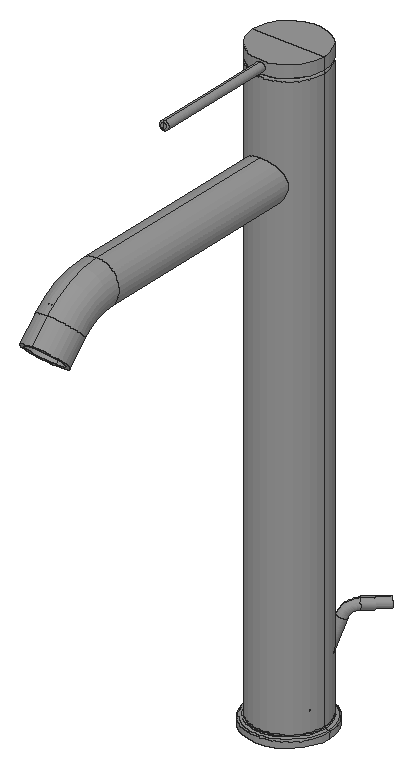
Revit family "Faucet-Lavatory-KOHLER-COMPONENTS-K-77960T", category Plumbing Fixtures, host Face, Revit 2017
Family settings
  Host = Face
  Round Connector Dimension = Use Diameter
  Part Type = Normal
  OmniClass Number = 23.31.11.00
  OmniClass Title = Faucets
  Cut with Voids When Loaded = No
  Shared = No
  Room Calculation Point = No
Parameters (values of type "Not a Type - See Type Catalog")
  Width = 1 7/8"  # constant formula
  WaterSense Certified = 1 = 0  # no
  Waste Water Outlet = "Waste Water Outlet"  # constant formula
  Waste Connection = 1 = 0  # no
  Vent Connection = 1 = 0  # no
  URL = "http://www.kohler.com.cn/en/"
  Type = 0
  Spout Reach = 7"  # constant formula
  Product Page URL = ""
  Product Name = "COMPONENTS"  # constant formula
  Product Documentation Link = ""
  Pressure = 0.00 psi
  Model = if(Type = 1, "K-77960T-4A-CP", if(Type = 2, "K-77960T-4A -BN", if(Type = 3, "K-77960T-4A -2BL", if(Type = 4, "K-77960T-4A -AF", if(Type = 5, "K-77960T-4A -RGD", if(Type = 6, "K-77960T-4A-3GC", if(Type = 7, "K-77960T-4A-TT", if(Type = 8, "K-77960T-4AND-CP", if(Type = 9, "K-77960T-4AND-AF", if(Type = 10, "K-77960T-4AND-RGD", if(Type = 11, "K-77960T-4AND-BN", "NA")))))))))))  # "NA"
  Material = "Premium Metal Construction"  # constant formula
  Master Format 2014 Name = "Residential Faucets, Supplies, and Trim"  # constant formula
  Master Format 2014 = "22 41 39"  # constant formula
  Manufacturer Address = "158 Jiangchang 3rd Road Zhabei District Shanghai, 200436 China "  # constant formula
  Manufacturer = "KOHLER Co."  # constant formula
  Lift Rod = not(Type > 7)  # yes
  Length = Spout Reach  # 7"
  Hot Water Inlet = "Hot Water Inlet"  # constant formula
  Height = 14"  # constant formula
  Handle Clearance = 3 19/32"  # constant formula
  HW Connection = 1 = 1  # yes
  Flow Rate = 0 GPM
  Finish = Default
  Environmental Product Declaration = ""
  Drain Included = if(Type > 7, 1 = 0, 1 = 1)  # yes
  Description = "Single handle bowl faucet (high water outlet)"  # constant formula
  Default Elevation = 36"
  Declare Label = ""
  Date Modified = "04/23/2020"  # constant formula
  Date Created = "04/23/2020"  # constant formula
  Copyright = "Copyright KOHLER Co."  # constant formula
  Contact Us = "http://www.kohler.com.cn/en/contact/contact-us/"
  Cold Water Inlet = "Cold Water Inlet"  # constant formula
  CW Connection = 1 = 1  # yes
  Assembly Code = "D2010"
  ADA Compliant = 1 = 0  # no
Reference planes (in)
  plane 1 "Center (Front/Back)": y = 0
  plane 2: z = 0
  plane 3 "Center (Left/Right)": x = 0
  plane 4: x = 0.9375
  plane 5: x = -0.9375
  plane 6: y = -7.375
  plane 7: y = -3.59284
  plane 8: y = -0.9375
  plane 9: y = 0.9375
  plane 10: z = 10.625
  plane 11: y = -7
  plane 12: z = 14
  plane 13: y = 1.3947
  plane 14: through (7.375, -4.74542, 48) normal (-0.7071, -0.7071, 0)
  plane 15: x = -0.81693
  plane 16: x = 0.81693
  plane 17: z = 2.375
  plane 18: y = 0.81693
  plane 19: y = -0.81693
  plane 20: z = 11.9903
  plane 21: z = 10.99067
  plane 22: z = 11.4903
  plane 23: z = 13.76692
  plane 24: z = 13.96377
  plane 25: z = 0.18504
  plane 26: x = 1.3976
  plane 27: x = -0.37323
  plane 28: x = 0.37323
Dimensions and locks (in)
  "Width": plane 5 to plane 4
  "Handle Clearance": plane 7 to nested 1
  "Height": plane 12 to level
  locked: plane 1 "Center (Front/Back)" to plane 6 at 7.375
  "Spout Reach": plane 1 "Center (Front/Back)" to plane 11
  locked: level to plane 10 at 10.625
  locked: plane 24 to plane 23 at 0.19685
  locked: plane 20 to plane 21 at 0.99963
  locked: plane 16 to plane 15 at 1.63386
  "Length": plane 11 to plane 1 "Center (Front/Back)"
  aligned and locked: plane 2 to host face
  aligned and locked: level to host face
Automatic sketch dimensions
  host sketch curve to host sketch curve = 96"  (x2)
Nested families (in)
  nested 1: "K-77960T" at (0, 0.00091, 0), type "K-77960T"
Connectors (in)
  piping at (0.37323, 0.00091, 0), diameter 0.5, driven by "CW Connection", driven by "Cold Water Inlet"
    settings: on nested 1, index 1, connector inside diameter 24", connector length 0", flow factor 0, pipe flow 0 GPM, pressure drop 0.00 psi, fitting loss kfactor 0, connector angle 0.00°, fixture units 0, engagement length 0", angle of deflection 0.00°, flow configuration 0, flow direction 1, fitting loss method 0, system type 20, joint type 0, gender type 0, connector reference index -1, connector utility 1, adjustable connector no, is connector primary yes, connector description "Cold Water Inlet"
  piping at (-0.37323, 0.00091, 0), diameter 0.5, driven by "HW Connection", driven by "Hot Water Inlet"
    settings: on nested 1, index 2, connector inside diameter 24", connector length 0", flow factor 0, pipe flow 0 GPM, pressure drop 0.00 psi, fitting loss kfactor 0, connector angle 0.00°, fixture units 0, engagement length 0", angle of deflection 0.00°, flow configuration 0, flow direction 1, fitting loss method 0, system type 19, joint type 0, gender type 0, connector reference index -1, connector utility 1, adjustable connector no, is connector primary no, connector description "Hot Water Inlet"
Definition of nested family "K-77960T"
  Parameters (values of type "K-77960T")
    Material = none
    4A = yes
  Reference planes (in)
    plane 1 "Center (Front/Back)": y = 0
    plane 2: z = 0
    plane 3 "Center (Left/Right)": x = 0
    plane 4: x = -0.9375
    plane 5: x = 0.9375
    plane 6: x = -0.81693
    plane 7: z = 14
    plane 8: z = 10.625
    plane 9: x = 7.375
    plane 10 "Lift rod": through (1.31479, 1.31479, 48) normal (0.7071, -0.7071, 0)
    plane 11: y = -7.375
    plane 12: y = -7
    plane 13: z = 2.375
    plane 14: y = 0.9375
    plane 15: y = -0.9375
    plane 16: y = 1.3947
    plane 17: y = -3.59284
    plane 18: through (1.23488, 1.3947, 48) normal (0.7071, 0.7071, 0)
    plane 19: z = 0.16285
    plane 20: x = 1.3976
    plane 21: x = -0.37323
    plane 22: x = 0.37323
  Forms (in)
    Revolve 1, solid, material <- "Material", detail levels medium+fine
      sketch origin (0, 0, 2.75) x (1, 0, 0) y (0, 0, 1)
        loop
          line (-0.9375, -2.75) -> (0, -2.75) -> (0, 11.25) -> (-0.81693, 11.25) -> (-0.81693, 10.97441) -> (-0.66114, 10.97441) -> (-0.784, 10.94149)
          arc (-0.784, 10.94149) -> (-0.80775, 10.92562) -> (-0.81693, 10.89857) r 0.04443
          line (-0.81693, 10.89857) -> (-0.81693, -2.54534)
          arc (-0.81693, -2.54534) -> (-0.81056, -2.55985) -> (-0.79556, -2.56496) r 0.01969
          arc (-0.79556, -2.56496) -> (-0.81971, -2.5651) -> (-0.84355, -2.56895) r 0.15656
          line (-0.84355, -2.56895) -> (-0.9188, -2.58715)
          arc (-0.9188, -2.58715) -> (-0.93227, -2.5958) -> (-0.9375, -2.61091) r 0.02444
          line (-0.9375, -2.61091) -> (-0.9375, -2.75)
        axis (0, 11.25) -> (0, -2.75)
      angle from 0 to 360
    Revolve 2, solid, material <- "Material", detail levels medium+fine
      sketch origin (0, -0.6355, 2.85156) x (0, -1, 0) y (0, 0, 1)
        loop
          line (-0.03459, 11.1122) -> (-0.03459, 11.01378) -> (2.95753, 11.01378) -> (2.95753, 11.09187)
          arc (2.95753, 11.09187) -> (2.95157, 11.10625) -> (2.93719, 11.1122) r 0.02034
          line (2.93719, 11.1122) -> (-0.03459, 11.1122)
        axis (-0.03459, 11.01378) -> (2.95753, 11.01378)
      angle from 0 to 360
    Sweep 3, solid, material <- "Material", detail levels medium+fine
      path origin (0, 0, 2.75) x (0, 1, 0) y (0, 0, 1)
        loop
          line (-7.00354, 7.86142) -> (-6.56399, 8.30096)
          arc (-6.56399, 8.30096) -> (-6.07736, 8.62612) -> (-5.50333, 8.7403) r 1.5
          line (-5.50333, 8.7403) -> (-0.47206, 8.7403)
      profile origin (0, -2.98769, 11.4903) x (0, 0, 1) y (1, 0, 0)
        loop
          circle (0, 0) r 0.5
    Revolve 4, void
      sketch origin (0, 0, 2.75) x (0, 1, 0) y (0, 0, 1)
        loop
          line (-7.00354, 7.86142) -> (-6.405, 8.45995) -> (-6.71121, 8.7662) -> (-7.30976, 8.16764) -> (-7.00354, 7.86142)
        axis (-7.00354, 7.86142) -> (-6.40498, 8.45997)
      angle from 0 to 360
    Sweep 5, solid, material <- "Material", visible <- "4A"
      path origin (0, 0, 0) x (0.707107, 0.707107, 0) y (0, 0, 1)
        loop
          line (1.85939, 2.375) -> (1.27831, 2.375)
          arc (1.27831, 2.375) -> (1.08378, 2.31366) -> (0.95961, 2.15184) r 0.33916
          line (0.95961, 2.15184) -> (0.2764, 0.27474)
      profile origin (1.10934, 1.10934, 2.375) x (0, 0, -1) y (0.707107, -0.707107, 0)
        loop
          circle (0, 0) r 0.11301
    Extrusion 6, solid, material <- "Material", detail levels coarse
      sketch origin (0, 0, 0) x (1, 0, 0) y (0, 1, 0)
        loop
          circle (0, 0) r 0.9375
      from 0 to 14
    Sweep 7, solid, material <- "Material", detail levels coarse
      path origin (0, 0, 2.6942) x (0, 1, 0) y (0, 0, 1)
        loop
          line (-7.00354, 7.86142) -> (-6.51277, 8.35218)
          arc (-6.51277, 8.35218) -> (-6.08287, 8.63943) -> (-5.57577, 8.7403) r 1.32512
          line (-5.57577, 8.7403) -> (-0.32577, 8.7403)
      profile origin (0, -0.32577, 11.4345) x (0, 0, -1) y (1, 0, 0)
        loop
          circle (-0.0259, 0) r 0.54922
    Extrusion 8, solid, material <- "Material", detail levels coarse
      sketch origin (0, 0, 2.77381) x (1, 0, 0) y (0, 0, 1)
        loop
          circle (0, 11.05722) r 0.13273
      from 0 to 3.44443
    Extrusion 9, solid, material <- "Material", detail levels medium+fine
      sketch origin (0, 0, 0) x (1, 0, 0) y (0, 1, 0)
        loop
          circle (-0.37323, 0) r 0.04485
        loop
          circle (0.37323, 0) r 0.04485
      from 0 to 0.06037
  Cuts and joins
    Revolve 4 cuts Sweep 3
    joined: Revolve 1, Revolve 2, Sweep 3
  Lines and regions (in)
    Masking region 1
      outline origin (0, 0, 0) x (1, 0, 0) y (0, 0, 1)
        loop
          line (-0.9375, 0) -> (0, 0) -> (0.9375, 0) -> (0.9375, 0.13909)
          arc (0.9375, 0.13909) -> (0.93227, 0.1542) -> (0.9188, 0.16285) r 0.02444
          line (0.9188, 0.16285) -> (0.84355, 0.18105)
          arc (0.84355, 0.18105) -> (0.81971, 0.1849) -> (0.79556, 0.18504) r 0.15656
          arc (0.79556, 0.18504) -> (0.81056, 0.19015) -> (0.81693, 0.20466) r 0.01969
          line (0.81693, 0.20466) -> (0.81693, 13.64857)
          arc (0.81693, 13.64857) -> (0.80775, 13.67562) -> (0.784, 13.69149) r 0.04443
          line (0.784, 13.69149) -> (0.66114, 13.72441) -> (0.81693, 13.72441) -> (0.81693, 14) -> (0, 14) -> (-0.81693, 14) -> (-0.81693, 13.72441) -> (-0.66114, 13.72441) -> (-0.784, 13.69149)
          arc (-0.784, 13.69149) -> (-0.80775, 13.67562) -> (-0.81693, 13.64857) r 0.04443
          line (-0.81693, 13.64857) -> (-0.81693, 0.20466)
          arc (-0.81693, 0.20466) -> (-0.81056, 0.19015) -> (-0.79556, 0.18504) r 0.01969
          arc (-0.79556, 0.18504) -> (-0.81971, 0.1849) -> (-0.84355, 0.18105) r 0.15656
          line (-0.84355, 0.18105) -> (-0.9188, 0.16285)
          arc (-0.9188, 0.16285) -> (-0.93227, 0.1542) -> (-0.9375, 0.13909) r 0.02444
          line (-0.9375, 0.13909) -> (-0.9375, 0)
    Masking region 2
      outline origin (0, 0, 0) x (0, 1, 0) y (0, 0, 1)
        loop
          line (0.9375, 0) -> (0.9375, 0.13909)
          arc (0.9375, 0.13909) -> (0.93227, 0.1542) -> (0.9188, 0.16285) r 0.02444
          line (0.9188, 0.16285) -> (0.84355, 0.18105)
          arc (0.84355, 0.18105) -> (0.81971, 0.1849) -> (0.79556, 0.18504) r 0.15656
          arc (0.79556, 0.18504) -> (0.81056, 0.19015) -> (0.81693, 0.20466) r 0.01969
          line (0.81693, 0.20466) -> (0.81693, 13.64857)
          arc (0.81693, 13.64857) -> (0.80775, 13.67562) -> (0.784, 13.69149) r 0.04443
          line (0.784, 13.69149) -> (0.66114, 13.72441) -> (0.81693, 13.72441) -> (0.81693, 13.97151)
          arc (0.81693, 13.97151) -> (0.80858, 13.99165) -> (0.78843, 14) r 0.02849
          line (0.78843, 14) -> (0, 14) -> (-0.81693, 14) -> (-0.81693, 13.96377) -> (-3.57295, 13.96377)
          arc (-3.57295, 13.96377) -> (-3.58701, 13.95794) -> (-3.59283, 13.94389) r 0.01988
          line (-3.59283, 13.94389) -> (-3.59283, 13.7876)
          arc (-3.59283, 13.7876) -> (-3.58677, 13.77297) -> (-3.57215, 13.76692) r 0.02068
          line (-3.57215, 13.76692) -> (-0.81693, 13.76692) -> (-0.81693, 13.72441) -> (-0.66114, 13.72441) -> (-0.784, 13.69149)
          arc (-0.784, 13.69149) -> (-0.80775, 13.67562) -> (-0.81693, 13.64857) r 0.04443
          line (-0.81693, 13.64857) -> (-0.81693, 11.9903) -> (-5.48973, 11.9903)
          arc (-5.48973, 11.9903) -> (-6.26766, 11.83556) -> (-6.92716, 11.3949) r 2.03283
          line (-6.92716, 11.3949) -> (-7.375, 10.94706) -> (-6.64998, 10.25786) -> (-6.21841, 10.68944)
          arc (-6.21841, 10.68944) -> (-5.88516, 10.91211) -> (-5.49206, 10.9903) r 1.02722
          line (-5.49206, 10.9903) -> (-0.81693, 10.9903) -> (-0.81693, 0.20466)
          arc (-0.81693, 0.20466) -> (-0.81056, 0.19015) -> (-0.79556, 0.18504) r 0.01969
          arc (-0.79556, 0.18504) -> (-0.81971, 0.1849) -> (-0.84355, 0.18105) r 0.15656
          line (-0.84355, 0.18105) -> (-0.9188, 0.16285)
          arc (-0.9188, 0.16285) -> (-0.93227, 0.1542) -> (-0.9375, 0.13909) r 0.02444
          line (-0.9375, 0.13909) -> (-0.9375, 0) -> (0, 0) -> (0.9375, 0)
    Masking region 3
      outline origin (0, 0, 0) x (1, 0, 0) y (0, 1, 0)
        loop
          arc (0.9375, 0) -> (0, 0.9375) -> (-0.9375, 0) r 0.9375
          arc (-0.9375, 0) -> (-0.82086, -0.45287) -> (-0.49997, -0.79305) r 0.9375
          line (-0.49997, -0.79305) -> (-0.49997, -7)
          spline (-0.49997, -7) -> (-0.48294, -7.09693) -> (-0.43299, -7.18726) -> (-0.35353, -7.26482) -> (-0.24998, -7.32434) -> (-0.12939, -7.36176) -> (0.00001, -7.37452) -> (0.12942, -7.36176) -> (0.25001, -7.32434) -> (0.35356, -7.26482) -> (0.43301, -7.18726) -> (0.48296, -7.09693) -> (0.5, -7)
          line (0.5, -7) -> (0.5, -0.79304)
          arc (0.5, -0.79304) -> (0.82087, -0.45286) -> (0.9375, 0) r 0.9375
    Masking region 4, visible <- "4A"
      outline origin (0, 0, 0) x (1, 0, 0) y (0, 0, 1)
        loop
          line (1.31479, 2.48801) -> (0.81693, 2.48801) -> (0.81693, 2.26199) -> (1.31479, 2.26199)
          spline (1.31479, 2.26199) -> (1.33547, 2.26584) -> (1.35474, 2.27713) -> (1.37129, 2.29509) -> (1.38399, 2.3185) -> (1.39197, 2.34575) -> (1.3947, 2.375) -> (1.39197, 2.40425) -> (1.38399, 2.4315) -> (1.37129, 2.45491) -> (1.35474, 2.47287) -> (1.33547, 2.48416) -> (1.31479, 2.48801)
    Masking region 5, visible <- "4A"
      outline origin (0, 0, 0) x (0, 1, 0) y (0, 0, 1)
        loop
          spline (1.31479, 2.26199) -> (1.33547, 2.26584) -> (1.35474, 2.27713) -> (1.37129, 2.29509) -> (1.38399, 2.3185) -> (1.39197, 2.34575) -> (1.3947, 2.375) -> (1.39197, 2.40425) -> (1.38399, 2.4315) -> (1.37129, 2.45491) -> (1.35474, 2.47287) -> (1.33547, 2.48416) -> (1.31479, 2.48801)
          line (1.31479, 2.48801) -> (0.81693, 2.48801) -> (0.81693, 2.26199) -> (1.31479, 2.26199)
    Masking region 6, visible <- "4A"
      outline origin (0, 0, 0) x (1, 0, 0) y (0, 1, 0)
        loop
          line (1.23488, 1.3947) -> (0.57817, 0.73799)
          arc (0.57817, 0.73799) -> (0.66291, 0.66291) -> (0.73799, 0.57817) r 0.9375
          line (0.73799, 0.57817) -> (1.3947, 1.23488) -> (1.23488, 1.3947)
    symbolic lines, detail levels medium+fine
      curve 1: line (-0.66114, 0, 13.72441) -> (0.66114, 0, 13.72441)
      curve 2: circle (0, 0, 13.86534) r 0.09843 normal (0, 1, 0)
      curve 3: arc (0.49706, 0, 11.54443) -> (0.00009, 0, 11.9903) -> (-0.49704, 0, 11.54461) r 0.5
      curve 4: line (-0.49704, 0, 11.54461) -> (-0.49704, 0, 10.64982)
      curve 5: line (0.49706, 0, 11.54443) -> (0.49706, 0, 10.64969)
      curve 6: spline (-0.5, 0, 10.61142) -> (-0.48296, 0, 10.51991) -> (-0.43301, 0, 10.43464) -> (-0.35355, 0, 10.36142) -> (-0.25, 0, 10.30523) -> (-0.12941, 0, 10.26991) -> (0, 0, 10.25786) -> (0.12941, 0, 10.26991) -> (0.25, 0, 10.30523) -> (0.35355, 0, 10.36142) -> (0.43301, 0, 10.43464) -> (0.48296, 0, 10.51991) -> (0.5, 0, 10.61142) -> (0.48296, 0, 10.70292) -> (0.43301, 0, 10.78819) -> (0.35355, 0, 10.86142) -> (0.25, 0, 10.9176) -> (0.12941, 0, 10.95292) -> (0, 0, 10.96497) -> (-0.12941, 0, 10.95292) -> (-0.25, 0, 10.9176) -> (-0.35355, 0, 10.86142) -> (-0.43301, 0, 10.78819) -> (-0.48296, 0, 10.70292) -> (-0.5, 0, 10.61142)
      curve 7: spline (0.43307, 0, 10.61142) -> (0.41831, 0, 10.53216) -> (0.37505, 0, 10.4583) -> (0.30623, 0, 10.39488) -> (0.21654, 0, 10.34622) -> (0.11209, 0, 10.31562) -> (0, 0, 10.30519) -> (-0.11209, 0, 10.31562) -> (-0.21654, 0, 10.34622) -> (-0.30623, 0, 10.39488) -> (-0.37505, 0, 10.4583) -> (-0.41831, 0, 10.53216) -> (-0.43307, 0, 10.61142) -> (-0.41831, 0, 10.69067) -> (-0.37505, 0, 10.76453) -> (-0.30623, 0, 10.82795) -> (-0.21654, 0, 10.87662) -> (-0.11209, 0, 10.90721) -> (0, 0, 10.91764) -> (0.11209, 0, 10.90721) -> (0.21654, 0, 10.87662) -> (0.30623, 0, 10.82795) -> (0.37505, 0, 10.76453) -> (0.41831, 0, 10.69067) -> (0.43307, 0, 10.61142)
      curve 8: line (0, -0.81693, 11.9903) -> (0, -0.81693, 10.9903)
      curve 9: line (0, -0.81693, 13.96377) -> (0, -0.81693, 13.76692)
      curve 10: line (0, 0.66114, 13.72441) -> (0, -0.66114, 13.72441)
      curve 11: line (0, 0.79556, 0.18504) -> (0, -0.79556, 0.18504)
      curve 12: line (0, 0.9188, 0.16285) -> (0, -0.9188, 0.16285)
      curve 13: arc (-0.49997, -0.79305, 0) -> (-0.3072, -0.88574, 0) -> (-0.09843, -0.93232, 0) r 0.9375
      curve 14: line (-0.09843, -0.93232, 0) -> (-0.09843, -3.57084, 0)
      curve 15: line (0.09843, -0.93232, 0) -> (0.09843, -3.57216, 0)
      curve 16: line (0.07775, -3.59284, 0) -> (-0.07643, -3.59284, 0)
      curve 17: arc (0.09843, -3.57216, 0) -> (0.09237, -3.58678, 0) -> (0.07775, -3.59284, 0) r 0.02067
      curve 18: arc (-0.09843, -3.57084, 0) -> (-0.09198, -3.5864, 0) -> (-0.07643, -3.59284, 0) r 0.02199
      curve 19: circle (0, 0, 0) r 0.81693 normal (0, 0, -1)
      curve 20: line (-0.49997, -0.79305, 0) -> (-0.49997, -0.64606, 0)
      curve 21: line (0.5, -0.79304, 0) -> (0.5, -0.64604, 0)
      curve 22: line (0.09843, -0.93232, 0) -> (0.09843, -0.81098, 0)
      curve 23: line (-0.09843, -0.93232, 0) -> (-0.09843, -0.81098, 0)
      curve 24: arc (0.09843, -0.93232, 0) -> (0.30721, -0.88574, 0) -> (0.5, -0.79304, 0) r 0.9375
      curve 25: line (-0.79556, 0, 0.18504) -> (0.79556, 0, 0.18504)
      curve 26: line (0.9188, 0, 0.16285) -> (-0.9188, 0, 0.16285)
  Dimensions and locks (in)
    plane 3 "Center (Left/Right)" to plane 4 = 15/16"  (x2)
    plane 3 "Center (Left/Right)" to plane 6 = 0.81693"
    plane 7 to level = 14"  (x2)
    plane 5 to plane 3 "Center (Left/Right)" = 15/16"
    plane 8 to level = 10 5/8"
    plane 9 to plane 3 "Center (Left/Right)" = 7 3/8"
    plane 1 "Center (Front/Back)" to plane 11 = 7 3/8"
    plane 1 "Center (Front/Back)" to plane 12 = 7"
    plane 13 to level = 2 3/8"
    level to plane 8 = 10 5/8"
    aligned and locked: plane 2 to level
Types in the file's own list only (11): name | Type | Product Page URL | Product Documentation Link | Model | Manufacturer Address | Lift Rod | Handle Clearance | Finish | Drain Included
  With Drain, CP-Polished Chrome | 1 | "http://www.kohler.com.cn/product/K-77960T-4A/K-77960T-4A-CP/" | "http://files.kohler.com.cn/pdfs/1535615687333_1285730-2-A(77958T-4A%2077959T-4A%2077960T-4A).pdf" | "K-77960T-4A-CP" | "158 Jiangchang 3rd Road Zhabei District Shanghai, 200436 China" | Yes | 3 5/8" | Kohler-Metal-CP-Polished_Chrome | Yes
  With Drain, BN-Roman silver | 2 | "http://www.kohler.com.cn/product/K-77960T-4A/K-77960T-4A-BN/" | "http://files.kohler.com.cn/pdfs/1535615687333_1285730-2-A(77958T-4A%2077959T-4A%2077960T-4A).pdf" | "K-77960T-4A -BN" | "158 Jiangchang 3rd Road Zhabei District Shanghai, 200436 China" | Yes | 3 5/8" | Kohler-Metal-BN-Roman_Silver | Yes
  With Drain, 2BL-Original Black | 3 | "http://www.kohler.com.cn/product/K-77960T-4A/K-77960T-4A-2BL/" | "http://files.kohler.com.cn/pdfs/1535615687333_1285730-2-A(77958T-4A%2077959T-4A%2077960T-4A).pdf" | "K-77960T-4A -2BL" | "158 Jiangchang 3rd Road Zhabei District Shanghai, 200436 China" | Yes | 3 5/8" | Kohler-Metal-2BL-Original_Black | Yes
  With Drain, AF- Flange Gold | 4 | "http://www.kohler.com.cn/product/K-77960T-4A/K-77960T-4A-AF/" | "http://files.kohler.com.cn/pdfs/1535615687333_1285730-2-A(77958T-4A%2077959T-4A%2077960T-4A).pdf" | "K-77960T-4A -AF" | "158 Jiangchang 3rd Road Zhabei District Shanghai, 200436 China" | Yes | 3 5/8" | Kohler-Metal-AF-Flange_Gold | Yes
  With Drain, RGD-Rose Gold | 5 | "http://www.kohler.com.cn/product/K-77960T-4A/K-77960T-4A-RGD/" | "http://files.kohler.com.cn/pdfs/1535615687333_1285730-2-A(77958T-4A%2077959T-4A%2077960T-4A).pdf" | "K-77960T-4A -RGD" | "158 Jiangchang 3rd Road Zhabei District Shanghai, 200436 China" | Yes | 3 5/8" | Kohler-Metal-RGD-Rose_Gold | Yes
  Without Drain, CP-Polished Chrome | 8 |  |  | "K-77960T-4AND-CP" | "158 Jiangchang 3rd Road Zhabei District Shanghai, 200436 China" | No | 3 5/8" | Kohler-Metal-CP-Polished_Chrome | No
  With Drain, 3GC-Black Gold | 6 | "http://www.kohler.com.cn/product/K-77960T-4A-3GC/K-77960T-4A-3GC/" | "http://files.kohler.com.cn/pdfs/1535615687333_1285730-2-A(77958T-4A%2077959T-4A%2077960T-4A).pdf" | "K-77960T-4A-3GC" | "158 Jiangchang 3rd Road Zhabei District Shanghai, 200436 China" | Yes | 3 5/8" | Kohler-Metal-3GC-Black_Gold | Yes
  With Drain, TT- Titanium Silver | 7 | "http://www.kohler.com.cn/product/K-77960T-4A/K-77960T-4A-TT/" | "http://files.kohler.com.cn/pdfs/1535615687333_1285730-2-A(77958T-4A%2077959T-4A%2077960T-4A).pdf" | "K-77960T-4A-TT" | "158 Jiangchang 3rd Road Zhabei District Shanghai, 200436 China" | Yes | 3 5/8" | Kohler-Metal-TT-Titanium_Silver | Yes
  Without Drain, AF- Flange Gold | 9 |  |  | "K-77960T-4AND-AF" | "158 Jiangchang 3rd Road Zhabei District Shanghai, 200436 China" | No | 3 5/8" | Kohler-Metal-AF-Flange_Gold | No
  Without Drain, RGD-Rose Gold | 10 |  |  | "K-77960T-4AND-RGD" | "158 Jiangchang 3rd Road Zhabei District Shanghai, 200436 China" | No | 3 5/8" | Kohler-Metal-RGD-Rose_Gold | No
  Without Drain, BN-Roman silver | 11 |  |  | "K-77960T-4AND-BN" | "158 Jiangchang 3rd Road Zhabei District Shanghai, 200436 China" | No | 3 5/8" | Kohler-Metal-BN-Roman_Silver | No
